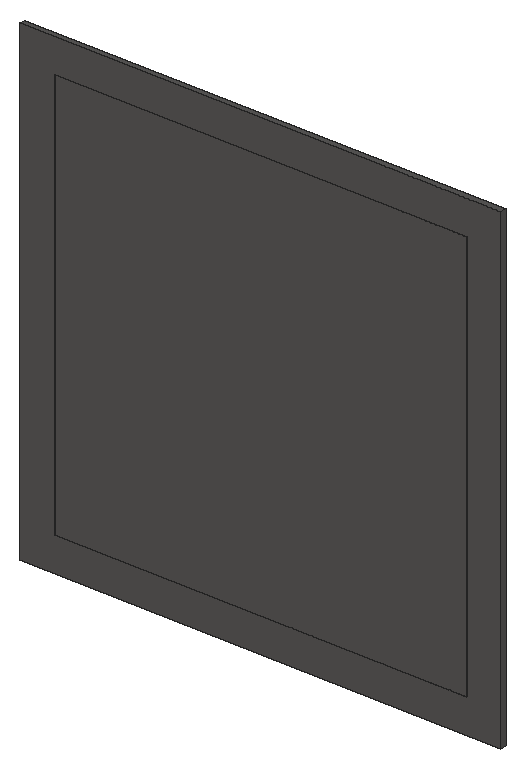
Revit family
Parameters
  Width = 3' - 6"
  Mirror Frame = Mirror Frame
  Mirror = Mirror
  Height = 3' - 6"
Reference planes (in)
  plane 1: y = 0
  plane 2 "Center (Left/Right)": x = 0
  plane 3 "Wall Edge": y = 3
  plane 4: z = 55
Forms (in)
  Extrusion 1, solid, material "Mirror Frame" <- "Mirror Frame"
    sketch origin (-60, 3, 0) x (-1, 0, 0) y (0, 0, 1)
      loop
        line (-78, 73) -> (-78, 37) -> (-42, 37) -> (-42, 73) -> (-78, 73)
      loop
        line (-81, 76) -> (-81, 34) -> (-39, 34) -> (-39, 76) -> (-81, 76)
    from 0 to 1
  Sweep 2, void
    path in 3D
      loop
        line (21, 4, 76) -> (21, 4, 34) -> (-21, 4, 34) -> (-21, 4, 76) -> (21, 4, 76)
    profile origin (0, 4, 76) x (0, 1, 0) y (0, 0, 1)
      loop
        line (0, 0) -> (-0.5, 0) -> (0, -2) -> (0, 0)
  Extrusion 3, solid, material "Mirror Frame" <- "Mirror Frame"
    sketch origin (-60, 3, 0) x (-1, 0, 0) y (0, 0, 1)
      loop
        line (-42, 37) -> (-42, 73) -> (-78, 73) -> (-78, 37) -> (-42, 37)
    from 0 to 0.33203
  Extrusion 4, solid, material "Mirror" <- "Mirror"
    sketch origin (-60, 3.33203, 0) x (-1, 0, 0) y (0, 0, 1)
      loop
        line (-42, 37) -> (-42, 73) -> (-78, 73) -> (-78, 37) -> (-42, 37)
    from 0 to 0.1875
  Sweep 5, void
    path in 3D
      loop
        line (18, 3.51953, 37) -> (-18, 3.51953, 37) -> (-18, 3.51953, 73) -> (18, 3.51953, 73) -> (18, 3.51953, 37)
    profile origin (18, 3.51953, 55) x (1, 0, 0) y (0, 1, 0)
      loop
        line (0, 0) -> (-0.4375, 0) -> (0, -0.0625) -> (0, 0)
Cuts and joins
  Sweep 2, Sweep 5 cuts Extrusion 1
  Sweep 5 cuts Extrusion 4
Lines and regions (in)
  sketch lines
    curve 1: line (-21, 4, 76) -> (21, 4, 76)
    curve 2: line (21, 4, 76) -> (21, 4, 34)
    curve 3: line (21, 4, 34) -> (-21, 4, 34)
    curve 4: line (-21, 4, 34) -> (-21, 4, 76)
    curve 5: line (18, 3.51953, 73) -> (18, 3.51953, 37)
    curve 6: line (18, 3.51953, 37) -> (-18, 3.51953, 37)
    curve 7: line (-18, 3.51953, 73) -> (18, 3.51953, 73)
    curve 8: line (-18, 3.51953, 37) -> (-18, 3.51953, 73)
Text (in)
  text "Placement Side" at (0, 40.15149, 123.01588), in view "Right"
  text "Placement Side" at (-70.3804, 28.46503, 0), in view "Ref. Level"
  text "Placement Side" at (0, 81.62555, 140.59947), in view "Left"
Dimensions and locks (in)
  locked: plane 3 "Wall Edge" to host wall
  equal spacing: Extrusion 1, plane 2 "Center (Left/Right)", Extrusion 1
  equal spacing: Extrusion 1, plane 4, Extrusion 1
  "Height": Extrusion 1 to Extrusion 1
  "Width": Extrusion 1 to Extrusion 1
  locked: Extrusion 1 to Extrusion 1 at 3  (x4)
  aligned and locked: Extrusion 3 sketch curve to cut or joined group of Extrusion 1, Sweep 2, Sweep 5  (x4)
  aligned and locked: Extrusion 4 sketch curve to cut or joined group of Extrusion 1, Sweep 2, Sweep 5  (x4)
Automatic sketch dimensions
  plane 2 "Center (Left/Right)" to Extrusion 1 sketch curve = 1' - 9"
  Extrusion 1 sketch curve to Extrusion 1 sketch curve = 0' - 3"  (x4)
  Extrusion 1 sketch curve to plane 2 "Center (Left/Right)" = 1' - 6"
  plane 4 to Extrusion 1 sketch curve = 1' - 9"
  Extrusion 1 sketch curve to plane 4 = 1' - 6"
  Sweep 2 sketch curve to profile plane = 0' - 0"  (x2)
  profile plane to Sweep 2 sketch curve = 0' - 0 1/2"
  Sweep 2 sketch curve to profile plane = 0' - 2"
  profile plane to Sweep 5 sketch curve = 0' - 0"
  Sweep 5 sketch curve to profile plane = 0' - 0"
  Sweep 5 sketch curve to profile plane = 0' - 0 7/16"
  profile plane to Sweep 5 sketch curve = 0' - 0 1/16"
